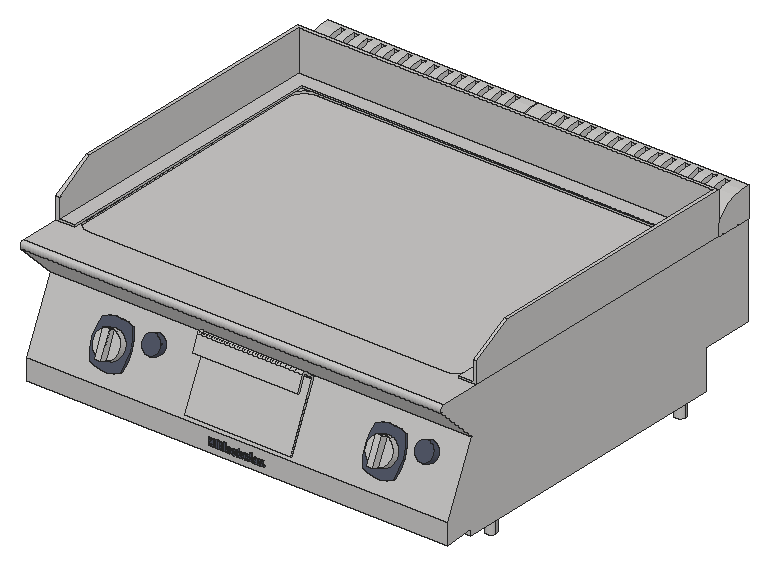
Revit family "QF_ELECTROLUXPROFESSIONAL_371410_E7IIETAOMEI", category Attrezzature speciali, Revit 2018
Family settings
  Quota connettore circolare = Usa diametro
  Tipo di parte = Normale
  Basato su piano di lavoro = No
  Sempre verticale = Sì
  Taglio con vuoti quando caricato = No
  Condiviso = No
  Punto di calcolo locali = No
Parameters (values of type "Standard")
  Weight = 70.00 kg
  Watts = 0 W
  Volts = 0 V
  URL Manufacturer = "https://www.electroluxprofessional.com/"
  URL = "https://www.electroluxprofessional.com/"
  Steam Supply Size = 0"
  Steam Supply Minimum Pressure = 0.00 psi
  Steam Supply Maximum Pressure = 0.00 psi
  Steam Consumption per Hour = 0
  Show Logo [instance] = yes
  Show Clearance [instance] = yes
  Refrigeration Suction Line Size = 0 mm
  Refrigeration Liquid Line Size = 0 mm
  Refrigerant Compressor Remote = yes
  Phase = 0
  Modello = "E7IIETAOMEI"
  Produttore = "Electrolux Professional"
  Length Actual = 800 mm  # constant formula
  Item Number = "371410"
  Hot Water Size = 0"
  Height Actual = 250 mm  # constant formula
  HP = "0 HP"
  Gas Size = 1/2"
  Gas KW = 14
  Gas Input Pressure = 0.469158 Btu/h
  Direct Waste Size = 0"
  Descrizione = "GAS FRYTOP-SMOOTH+RIBBED POLISHED CHROME PLATE 800MM - QMARK"
  Depth Actual = 730 mm  # constant formula
  Cycle = 0 Hz
  Condensate Return Size = 0"
  Compressed Air Volume = 0 GPM
  Compressed Air Size = 0"
  Compressed Air Pressure = 0.00 psi
  Cold Water Size = 0"
  Base Height [instance] = 23.813 mm  # constant formula
  Assembly Code = ""
  Accessory = yes
Values of the unnamed type that differ from the named types
  Weight = 0.00 kg
  URL Manufacturer = ""
  Item Number = ""
  HP = ""
  Gas KW = 0
  Gas Input Pressure = 0.0 Btu/h
Reference planes
  plane 1 "BACK": y = 0
  plane 2: z = 0
  plane 3 "LEFT": x = 0
  plane 4 "RIGHT": x = 800.1
  plane 5 "FRONT": y = -730.25
  plane 6 "TOP": z = 288.925
  plane 7 "Center Y": x = 400.05
  plane 8 "Center X": y = -365.125
  plane 9 "BASE": z = 23.813
  plane 10 "TOP A": z = 274.638
  plane 11: y = -597.884
  plane 12: y = -147.637
  plane 13: z = 355
Forms (mm)
  Extrusion 1, solid, material "QF_Finishes_Stainless Steel"
    sketch origin (0, 0, 0) x (0, 1, 0) y (0, 0, 1)
      loop
        line (0, 274.638) -> (-722.949, 274.638)
        arc (-722.949, 274.638) -> (-729.707, 270.122) -> (-728.121, 262.152) r 7.314
        line (-728.121, 262.152) -> (-657.416, 191.447) -> (-713.772, 69.003) -> (-713.772, 30.903) -> (-660.4, 36.513) -> (-660.4, 23.812) -> (-101.6, 23.812) -> (-101.6, 98.425) -> (0, 98.425) -> (0, 274.638)
    from 0 to 800.1
  Extrusion 2, void
    sketch origin (0, -2.381, 274.638) x (-1, 0, 0) y (0, -1, 0)
      loop
        arc (-60.425, 102.504) -> (-42.464, 109.943) -> (-35.025, 127.904) r 25.4
        line (-35.025, 127.904) -> (-35.025, 617.104)
        arc (-35.025, 617.104) -> (-42.464, 635.064) -> (-60.425, 642.504) r 25.4
        line (-60.425, 642.504) -> (-739.675, 642.504)
        arc (-739.675, 642.504) -> (-757.636, 635.064) -> (-765.075, 617.104) r 25.4
        line (-765.075, 617.104) -> (-765.075, 127.904)
        arc (-765.075, 127.904) -> (-757.636, 109.943) -> (-739.675, 102.504) r 25.4
        line (-739.675, 102.504) -> (-60.425, 102.504)
    from 0 to -3.2
  Extrusion 3, solid, material "QF_Finishes_Stainless Steel"
    sketch origin (0, 0, 0) x (1, 0, 0) y (0, 1, 0)
      loop
        circle (11.112, -147.638) r 9.525
      loop
        circle (11.112, -597.884) r 9.525
      loop
        circle (788.987, -147.638) r 9.525
      loop
        circle (788.987, -597.884) r 9.525
    from 0 to 23.813
  Extrusion 4, solid, material "QF_Finishes_Stainless Steel"
    sketch origin (0, -101.6, 101.6) x (0, 0, -1) y (-1, 0, 0)
      loop
        circle (43.882, -749.3) r 6.35
    from 0 to 3.175
  Extrusion 5, solid, material "QF_Finishes_Clearance", visible <- "Show Clearance", detail levels coarse
    sketch origin (0, 0, 0) x (1, 0, 0) y (0, 1, 0)
      loop
        line (0, -730.25) -> (0, 0) -> (800.1, 0) -> (800.1, -730.25) -> (950.119, -730.25) -> (950.119, 150.019) -> (-150.019, 150.019) -> (-150.019, -730.25) -> (0, -730.25)
    from 0 to 355
  Sweep 6, solid, material "QF_Finishes_Stainless Steel"
    path origin (0, -2.381, 274.638) x (-1, 0, 0) y (0, -1, 0)
      loop
        line (-765.075, 642.504) -> (-765.075, 102.504) -> (-35.025, 102.504) -> (-35.025, 642.504)
    profile origin (35.025, -374.885, 274.638) x (1, 0, 0) y (0, 0, 1)
      loop
        line (-35.025, 0) -> (0, 0) -> (0, 3.175) -> (-28.675, 3.175) -> (-28.675, 80.363) -> (-35.025, 80.362) -> (-35.025, 0)
  Extrusion 7, void
    sketch origin (0, -69.86, 274.638) x (0, 1, 0) y (0, 0, 1)
      loop
        line (-575.025, 40.481) -> (-501.995, 80.363) -> (-575.025, 80.363) -> (-575.025, 40.481)
    from 0 to 6.35
  Extrusion 8, void
    sketch origin (800.1, -644.885, 274.638) x (0, -1, 0) y (0, 0, 1)
      loop
        line (0, 40.481) -> (0, 80.362) -> (-73.03, 80.362) -> (0, 40.481)
    from 0 to 6.35
  Extrusion 9, solid, material "QF_Finishes_Stainless Steel"
    sketch origin (400.05, 175.397, 1219.2) x (0, 1, 0) y (0, 0, 1)
      loop
        line (-834.228, -1030.828) -> (-850.635, -1014.422)
        arc (-850.635, -1014.422) -> (-855.102, -1013.019) -> (-858.806, -1015.884) r 5.058
        line (-858.806, -1015.884) -> (-871.468, -1043.394) -> (-868.584, -1044.721) -> (-855.922, -1017.211)
        arc (-855.922, -1017.211) -> (-854.543, -1016.145) -> (-852.88, -1016.667) r 1.883
        line (-852.88, -1016.667) -> (-838.037, -1031.51) -> (-888.871, -1141.955) -> (-885.987, -1143.282) -> (-834.228, -1030.828)
    from 100 to -100
  Extrusion 10, solid, material "QF_Finishes_Drawer Clearance", visible <- "Show Clearance", detail levels coarse
    sketch origin (293.7, -101.6, 0) x (0, 1, 0) y (0, 0, 1)
      loop
        line (-660.751, 174.479) -> (-648.089, 201.989)
        arc (-648.089, 201.989) -> (-646.71, 203.055) -> (-645.046, 202.533) r 1.883
        line (-645.046, 202.533) -> (-630.204, 187.69) -> (-681.037, 77.245) -> (-678.153, 75.918) -> (-608.989, 75.918) -> (-557.231, 188.372) -> (-573.638, 204.778)
        arc (-573.638, 204.778) -> (-574.873, 205.685) -> (-576.323, 206.181) r 5.058
        line (-576.323, 206.181) -> (-647.269, 206.181)
        arc (-647.269, 206.181) -> (-649.472, 205.203) -> (-650.973, 203.316) r 5.058
        line (-650.973, 203.316) -> (-663.635, 175.806) -> (-660.751, 174.479)
    from 6.35 to 206.35
  Extrusion 11, solid, material "QF_Finishes_Navy Blue"
    sketch origin (-399.27, -713.772, 69.003) x (0, 0.418102, 0.9084) y (-1, 0, 0)
      loop
        arc (102.623, -510.47) -> (67.041, -502.846) -> (31.333, -509.853) r 90.5
        arc (31.333, -509.853) -> (24.507, -539.04) -> (31.333, -568.228) r 65.817
        arc (31.333, -568.228) -> (67.04, -575.188) -> (102.623, -567.615) r 91.066
        arc (102.623, -567.615) -> (109.179, -539.043) -> (102.623, -510.47) r 65.546
    from 0 to 3.175
  Extrusion 12, solid, material "QF_Finishes_Stainless Steel"
    sketch origin (-20.52, -717.485, 68.529) x (0, 0.418102, 0.9084) y (-1, 0, 0)
      loop
        circle (68.826, -160.963) r 25.4
    from 0 to 12.7
  Extrusion 13, solid, material "QF_Finishes_Stainless Steel"
    sketch origin (-20.52, -729.022, 73.839) x (0, 0.418102, 0.9084) y (-1, 0, 0)
      loop
        arc (93.558, -166.749) -> (94.226, -160.963) -> (93.558, -155.177) r 25.4
        line (93.558, -155.177) -> (44.094, -155.177)
        arc (44.094, -155.177) -> (43.426, -160.963) -> (44.094, -166.749) r 25.4
        line (44.094, -166.749) -> (93.558, -166.749)
    from 0 to 12.7
  Extrusion 14, solid, material "QF_Finishes_Navy Blue"
    sketch origin (97.744, -713.772, 69.003) x (0, 0.418102, 0.9084) y (-1, 0, 0)
      loop
        arc (102.623, -532.67) -> (67.041, -525.046) -> (31.333, -532.053) r 90.5
        arc (31.333, -532.053) -> (24.507, -561.24) -> (31.333, -590.428) r 65.817
        arc (31.333, -590.428) -> (67.04, -597.388) -> (102.623, -589.815) r 91.066
        arc (102.623, -589.815) -> (109.179, -561.243) -> (102.623, -532.67) r 65.546
    from 0 to 3.175
  Extrusion 15, solid, material "QF_Finishes_Stainless Steel"
    sketch origin (497.744, -717.485, 68.529) x (0, 0.418102, 0.9084) y (-1, 0, 0)
      loop
        circle (68.826, -160.963) r 25.4
    from 0 to 12.7
  Extrusion 16, solid, material "QF_Finishes_Stainless Steel"
    sketch origin (497.744, -729.022, 73.839) x (0, 0.418102, 0.9084) y (-1, 0, 0)
      loop
        arc (93.558, -166.749) -> (94.226, -160.963) -> (93.558, -155.177) r 25.4
        line (93.558, -155.177) -> (44.094, -155.177)
        arc (44.094, -155.177) -> (43.426, -160.963) -> (44.094, -166.749) r 25.4
        line (44.094, -166.749) -> (93.558, -166.749)
    from 0 to 12.7
  Extrusion 17, solid, material "QF_Finishes_Navy Blue"
    sketch origin (-100, -703.319, 91.713) x (0, 0.418102, 0.9084) y (-1, 0, 0)
      loop
        circle (65.471, -315.169) r 17.78
    from 0 to 12.7
  Extrusion 18, solid, material "QF_Finishes_Navy Blue"
    sketch origin (397.014, -703.319, 91.713) x (0, 0.418102, 0.9084) y (-1, 0, 0)
      loop
        circle (65.471, -337.369) r 17.78
    from 0 to 12.7
  Extrusion 19, solid, material "QF_Finishes_Navy Blue", visible <- "Show Logo"
    sketch origin (58.501, -713.772, 35.665) x (0, 0, 1) y (-1, 0, 0)
      loop
        line (20.674, -296.698) -> (8.307, -296.698)
        arc (8.307, -296.698) -> (14.491, -301.27) -> (20.674, -296.698) r 6.467
      loop
        arc (20.674, -296.069) -> (19.505, -290.926) -> (14.849, -288.448) r 6.338
        line (14.849, -288.448) -> (14.849, -290.494)
        arc (14.849, -290.494) -> (16.333, -294.149) -> (19.778, -296.069) r 5.941
        line (19.778, -296.069) -> (20.674, -296.069)
      loop
        arc (9.203, -296.069) -> (12.648, -294.149) -> (14.132, -290.494) r 5.941
        line (14.132, -290.494) -> (14.132, -288.448)
        arc (14.132, -288.448) -> (9.438, -290.922) -> (8.148, -296.069) r 6.504
        line (8.148, -296.069) -> (9.203, -296.069)
      loop
        line (21.349, -287.979) -> (7.604, -287.979) -> (7.604, -301.742) -> (21.349, -301.742) -> (21.349, -287.979)
      loop
        arc (21.432, -304.71) -> (21.085, -304.352) -> (20.718, -304.69) r 0.358
        arc (20.718, -304.69) -> (20.404, -305.44) -> (19.687, -305.825) r 1.216
        line (19.687, -305.825) -> (9.274, -305.825)
        arc (9.274, -305.825) -> (8.614, -305.548) -> (8.218, -304.951) r 1.238
        arc (8.218, -304.951) -> (7.823, -304.7) -> (7.518, -305.054) r 0.358
        line (7.518, -305.054) -> (7.518, -314.933) -> (10.269, -314.933) -> (10.269, -314.036)
        arc (10.269, -314.036) -> (9.36, -313.456) -> (8.904, -312.479) r 1.928
        line (8.904, -312.479) -> (8.904, -309.98)
        arc (8.904, -309.98) -> (9.18, -309.251) -> (9.868, -308.887) r 1.101
        line (9.868, -308.887) -> (13.955, -308.887) -> (13.955, -312.561)
        arc (13.955, -312.561) -> (13.602, -313.058) -> (13.037, -313.286) r 1.083
        arc (13.037, -313.286) -> (12.773, -313.591) -> (13.065, -313.869) r 0.292
        line (13.065, -313.869) -> (16.028, -313.869)
        arc (16.028, -313.869) -> (16.33, -313.596) -> (16.092, -313.266) r 0.305
        arc (16.092, -313.266) -> (15.601, -313.018) -> (15.296, -312.561) r 1.083
        line (15.296, -312.561) -> (15.296, -308.887) -> (19.973, -308.887) -> (19.973, -312.635)
        arc (19.973, -312.635) -> (19.759, -313.39) -> (19.153, -313.888) r 1.314
        arc (19.153, -313.888) -> (18.934, -314.292) -> (19.288, -314.585) r 0.361
        line (19.288, -314.585) -> (21.432, -314.585) -> (21.432, -304.71)
      loop
        arc (20.715, -315.365) -> (20.335, -316.284) -> (19.416, -316.664) r 1.299
        line (19.416, -316.664) -> (9.837, -316.664)
        arc (9.837, -316.664) -> (8.999, -316.286) -> (8.728, -315.408) r 1.118
        line (8.728, -315.408) -> (7.518, -315.408) -> (7.518, -320.758) -> (8.706, -320.758)
        arc (8.706, -320.758) -> (8.978, -319.841) -> (9.848, -319.445) r 1.153
        line (9.848, -319.445) -> (21.92, -319.445) -> (20.715, -315.365)
      loop
        line (12.483, -323.394) -> (12.483, -329.842) -> (13.282, -329.842)
        arc (13.282, -329.842) -> (15.862, -328.857) -> (17.131, -326.404) r 3.874
        line (17.131, -326.404) -> (17.131, -324.643)
        arc (17.131, -324.643) -> (15.944, -321.778) -> (13.08, -320.592) r 4.051
        line (13.08, -320.592) -> (11.072, -320.592)
        arc (11.072, -320.592) -> (8.253, -322.077) -> (7.202, -325.084) r 4.352
        arc (7.202, -325.084) -> (7.566, -327.547) -> (8.943, -329.621) r 5.713
        line (8.943, -329.621) -> (9.892, -329.621)
        arc (9.892, -329.621) -> (9.16, -328.052) -> (8.943, -326.334) r 5.579
        arc (8.943, -326.334) -> (9.737, -324.371) -> (11.616, -323.394) r 3.057
        line (11.616, -323.394) -> (12.483, -323.394)
      loop
        line (13.742, -323.394) -> (13.742, -326.977)
        arc (13.742, -326.977) -> (15.199, -327.024) -> (16.082, -325.864) r 1.59
        line (16.082, -325.864) -> (16.082, -325.034)
        arc (16.082, -325.034) -> (15.217, -323.779) -> (13.742, -323.394) r 2.184
      loop
        arc (16.533, -339.259) -> (17.022, -337.585) -> (17.179, -335.848) r 9.023
        line (17.179, -335.848) -> (17.179, -334.486)
        arc (17.179, -334.486) -> (16.02, -331.686) -> (13.22, -330.527) r 3.959
        line (13.22, -330.527) -> (10.62, -330.527)
        arc (10.62, -330.527) -> (8.338, -331.819) -> (7.221, -334.192) r 4.331
        line (7.221, -334.192) -> (7.221, -336.327)
        arc (7.221, -336.327) -> (7.729, -337.877) -> (8.651, -339.223) r 5.772
        arc (8.651, -339.223) -> (9.412, -339.274) -> (9.499, -338.515) r 0.553
        arc (9.499, -338.515) -> (9.111, -337.781) -> (8.977, -336.962) r 2.573
        line (8.977, -336.962) -> (8.977, -335.447)
        arc (8.977, -335.447) -> (9.983, -333.806) -> (11.798, -333.163) r 2.884
        line (11.798, -333.163) -> (13.077, -333.163)
        arc (13.077, -333.163) -> (14.898, -333.723) -> (15.824, -335.388) r 2.554
        line (15.824, -335.388) -> (15.824, -336.441)
        arc (15.824, -336.441) -> (15.493, -337.369) -> (14.836, -338.104) r 2.564
        arc (14.836, -338.104) -> (14.614, -338.821) -> (15.223, -339.259) r 0.643
        line (15.223, -339.259) -> (16.533, -339.259)
      loop
        line (15.515, -339.53) -> (15.515, -341.031) -> (9.467, -341.031)
        arc (9.467, -341.031) -> (7.879, -341.688) -> (7.221, -343.276) r 2.246
        line (7.221, -343.276) -> (7.221, -344.86)
        arc (7.221, -344.86) -> (7.535, -345.725) -> (8.035, -346.496) r 4.06
        arc (8.035, -346.496) -> (8.768, -346.629) -> (9.019, -345.928) r 0.576
        arc (9.019, -345.928) -> (8.913, -345.403) -> (8.977, -344.87) r 1.69
        arc (8.977, -344.87) -> (9.519, -344.082) -> (10.425, -343.779) r 1.506
        line (10.425, -343.779) -> (15.563, -343.779) -> (15.563, -346.176) -> (16.119, -346.733) -> (16.941, -346.733) -> (16.941, -343.873) -> (20.172, -343.873) -> (15.515, -339.53)
      loop
        line (7.438, -347.63) -> (7.438, -353.017) -> (8.548, -353.017)
        arc (8.548, -353.017) -> (8.942, -352.066) -> (9.893, -351.672) r 1.345
        line (9.893, -351.672) -> (13.509, -351.672)
        arc (13.509, -351.672) -> (14.274, -352.264) -> (14.564, -353.186) r 1.615
        line (14.564, -353.186) -> (14.564, -354.742) -> (17.119, -355.427) -> (17.119, -354.044) -> (15.177, -351.485) -> (17.057, -351.485) -> (16.773, -348.779)
        arc (16.773, -348.779) -> (16.333, -348.249) -> (15.674, -348.45) r 0.621
        arc (15.674, -348.45) -> (15.274, -348.792) -> (14.78, -348.975) r 1.501
        line (14.78, -348.975) -> (9.893, -348.975)
        arc (9.893, -348.975) -> (8.942, -348.581) -> (8.548, -347.63) r 1.345
        line (8.548, -347.63) -> (7.438, -347.63)
      loop
        line (13.54, -354.964) -> (10.848, -354.964)
        arc (10.848, -354.964) -> (8.403, -356.272) -> (7.269, -358.803) r 4.288
        arc (7.269, -358.803) -> (7.205, -360.183) -> (7.269, -361.563) r 15.022
        arc (7.269, -361.563) -> (8.403, -364.094) -> (10.848, -365.401) r 4.288
        line (10.848, -365.401) -> (13.54, -365.401)
        arc (13.54, -365.401) -> (15.986, -364.094) -> (17.119, -361.563) r 4.288
        arc (17.119, -361.563) -> (17.183, -360.183) -> (17.119, -358.803) r 15.022
        arc (17.119, -358.803) -> (15.986, -356.272) -> (13.54, -354.964) r 4.288
      loop
        line (13.745, -358.078) -> (10.643, -358.078)
        arc (10.643, -358.078) -> (8.486, -360.235) -> (10.643, -362.392) r 2.157
        line (10.643, -362.392) -> (13.745, -362.392)
        arc (13.745, -362.392) -> (15.902, -360.235) -> (13.745, -358.078) r 2.157
      loop
        arc (20.726, -365.26) -> (20.355, -366.154) -> (19.461, -366.524) r 1.264
        line (19.461, -366.524) -> (9.597, -366.524)
        arc (9.597, -366.524) -> (8.727, -366.127) -> (8.455, -365.211) r 1.153
        line (8.455, -365.211) -> (7.518, -365.211) -> (7.518, -370.319) -> (8.446, -370.319)
        arc (8.446, -370.319) -> (8.805, -369.547) -> (9.597, -369.232) r 1.153
        line (9.597, -369.232) -> (21.92, -369.232) -> (20.726, -365.26)
      loop
        arc (15.846, -369.857) -> (15.647, -370.921) -> (14.678, -371.403) r 1.215
        line (14.678, -371.403) -> (9.658, -371.403)
        arc (9.658, -371.403) -> (8.043, -372.051) -> (7.322, -373.634) r 2.338
        line (7.322, -373.634) -> (7.322, -375.148)
        arc (7.322, -375.148) -> (7.497, -376.152) -> (7.999, -377.038) r 2.979
        line (7.999, -377.038) -> (7.518, -378.835) -> (7.518, -380.524) -> (16.943, -380.524) -> (16.649, -376.32) -> (15.863, -376.32)
        arc (15.863, -376.32) -> (15.507, -377.156) -> (14.755, -377.665) r 1.605
        line (14.755, -377.665) -> (9.652, -377.665)
        arc (9.652, -377.665) -> (9.232, -376.728) -> (9.159, -375.704) r 2.94
        arc (9.159, -375.704) -> (9.72, -374.603) -> (10.873, -374.16) r 1.724
        line (10.873, -374.16) -> (17.07, -374.16) -> (15.846, -369.857)
      loop
        line (16.874, -381.377) -> (15.202, -383.423) -> (12.028, -385.729) -> (8.572, -382.617)
        arc (8.572, -382.617) -> (8.335, -382.223) -> (8.357, -381.764) r 0.789
        line (8.357, -381.764) -> (7.518, -381.764) -> (7.518, -385.309) -> (8.344, -385.309)
        arc (8.344, -385.309) -> (8.686, -384.947) -> (9.176, -385.039) r 0.52
        line (9.176, -385.039) -> (10.976, -386.51) -> (8.858, -387.886)
        arc (8.858, -387.886) -> (8.457, -387.576) -> (8.37, -387.076) r 0.7
        line (8.37, -387.076) -> (7.518, -387.076) -> (7.518, -393.003) -> (8.405, -393.003)
        arc (8.405, -393.003) -> (8.472, -392.344) -> (8.866, -391.813) r 1.247
        line (8.866, -391.813) -> (13.066, -388.532) -> (15.513, -390.585) -> (16.874, -392.327) -> (16.874, -388.604) -> (15.389, -389.026) -> (13.868, -387.749) -> (15.568, -386.559) -> (16.874, -387.336) -> (16.874, -381.377)
    from 0 to 1.644
  Extrusion 20, solid, material "QF_Finishes_Stainless Steel"
    sketch origin (0, 0, 0) x (0, 1, 0) y (0, 0, 1)
      loop
        line (0, 274.638) -> (0, 331.738)
        arc (0, 331.738) -> (-38.857, 324.552) -> (-69.85, 300.038) r 82.056
        line (-69.85, 300.038) -> (-69.85, 274.638) -> (0, 274.638)
    from 0 to 400.05
  Extrusion 21, void
    sketch origin (0, 0, 274.638) x (0, -1, 0) y (1, 0, 0)
      loop
        line (6.761, 29.703) -> (63.911, 29.703) -> (63.911, 38.999) -> (6.761, 38.999) -> (6.761, 29.703)
      loop
        line (63.911, 64.487) -> (6.761, 64.487) -> (6.761, 55.191) -> (63.911, 55.191) -> (63.911, 64.487)
      loop
        line (63.911, 89.975) -> (6.761, 89.975) -> (6.761, 80.68) -> (63.911, 80.68) -> (63.911, 89.975)
      loop
        line (63.911, 115.464) -> (6.761, 115.464) -> (6.761, 106.168) -> (63.911, 106.168) -> (63.911, 115.464)
      loop
        line (63.911, 140.952) -> (6.761, 140.952) -> (6.761, 131.656) -> (63.911, 131.656) -> (63.911, 140.952)
      loop
        line (63.911, 166.44) -> (6.761, 166.44) -> (6.761, 157.145) -> (63.911, 157.145) -> (63.911, 166.44)
      loop
        line (63.911, 191.929) -> (6.761, 191.929) -> (6.761, 182.633) -> (63.911, 182.633) -> (63.911, 191.929)
      loop
        line (63.911, 217.417) -> (6.761, 217.417) -> (6.761, 208.121) -> (63.911, 208.121) -> (63.911, 217.417)
      loop
        line (63.911, 242.905) -> (6.761, 242.905) -> (6.761, 233.61) -> (63.911, 233.61) -> (63.911, 242.905)
      loop
        line (63.911, 268.394) -> (6.761, 268.394) -> (6.761, 259.098) -> (63.911, 259.098) -> (63.911, 268.394)
      loop
        line (63.911, 293.882) -> (6.761, 293.882) -> (6.761, 284.586) -> (63.911, 284.586) -> (63.911, 293.882)
      loop
        line (63.911, 319.37) -> (6.761, 319.37) -> (6.761, 310.075) -> (63.911, 310.075) -> (63.911, 319.37)
      loop
        line (63.911, 344.859) -> (6.761, 344.859) -> (6.761, 335.563) -> (63.911, 335.563) -> (63.911, 344.859)
      loop
        line (63.911, 370.347) -> (6.761, 370.347) -> (6.761, 361.051) -> (63.911, 361.051) -> (63.911, 370.347)
    from 25.4 to 63.5
  Extrusion 22, solid, material "QF_Finishes_Stainless Steel"
    sketch origin (400.05, 0, 0) x (0, 1, 0) y (0, 0, 1)
      loop
        line (0, 274.638) -> (0, 331.738)
        arc (0, 331.738) -> (-38.857, 324.552) -> (-69.85, 300.038) r 82.056
        line (-69.85, 300.038) -> (-69.85, 274.638) -> (0, 274.638)
    from 0 to 400.05
  Extrusion 23, void
    sketch origin (400.05, 0, 274.638) x (0, -1, 0) y (1, 0, 0)
      loop
        line (6.761, 29.703) -> (63.911, 29.703) -> (63.911, 38.999) -> (6.761, 38.999) -> (6.761, 29.703)
      loop
        line (63.911, 64.487) -> (6.761, 64.487) -> (6.761, 55.191) -> (63.911, 55.191) -> (63.911, 64.487)
      loop
        line (63.911, 89.975) -> (6.761, 89.975) -> (6.761, 80.68) -> (63.911, 80.68) -> (63.911, 89.975)
      loop
        line (63.911, 115.464) -> (6.761, 115.464) -> (6.761, 106.168) -> (63.911, 106.168) -> (63.911, 115.464)
      loop
        line (63.911, 140.952) -> (6.761, 140.952) -> (6.761, 131.656) -> (63.911, 131.656) -> (63.911, 140.952)
      loop
        line (63.911, 166.44) -> (6.761, 166.44) -> (6.761, 157.145) -> (63.911, 157.145) -> (63.911, 166.44)
      loop
        line (63.911, 191.929) -> (6.761, 191.929) -> (6.761, 182.633) -> (63.911, 182.633) -> (63.911, 191.929)
      loop
        line (63.911, 217.417) -> (6.761, 217.417) -> (6.761, 208.121) -> (63.911, 208.121) -> (63.911, 217.417)
      loop
        line (63.911, 242.905) -> (6.761, 242.905) -> (6.761, 233.61) -> (63.911, 233.61) -> (63.911, 242.905)
      loop
        line (63.911, 268.394) -> (6.761, 268.394) -> (6.761, 259.098) -> (63.911, 259.098) -> (63.911, 268.394)
      loop
        line (63.911, 293.882) -> (6.761, 293.882) -> (6.761, 284.586) -> (63.911, 284.586) -> (63.911, 293.882)
      loop
        line (63.911, 319.37) -> (6.761, 319.37) -> (6.761, 310.075) -> (63.911, 310.075) -> (63.911, 319.37)
      loop
        line (63.911, 344.859) -> (6.761, 344.859) -> (6.761, 335.563) -> (63.911, 335.563) -> (63.911, 344.859)
      loop
        line (63.911, 370.347) -> (6.761, 370.347) -> (6.761, 361.051) -> (63.911, 361.051) -> (63.911, 370.347)
    from 25.4 to 63.5
Cuts and joins
  Extrusion 2 cuts Extrusion 1
  Extrusion 7, Extrusion 8 cuts Sweep 6
  Extrusion 21 cuts Extrusion 20
  Extrusion 23 cuts Extrusion 22
Lines and regions (mm)
  symbolic lines, style "QF-Clearances", visible <- "Show Clearance", detail levels coarse
    curve 1: line (-150.019, 150.019, 274.638) -> (-150.019, -730.25, 274.638)
    curve 2: line (950.119, 150.019, 274.638) -> (-150.019, 150.019, 274.638)
    curve 3: line (950.119, -730.25, 274.638) -> (950.119, 150.019, 274.638)
  symbolic lines
    curve 4: line (0, -730.25, 274.638) -> (0, 0, 274.638)
    curve 5: line (800.1, 0, 274.638) -> (800.1, -730.25, 274.638)
    curve 6: line (35.025, -104.885, 274.638) -> (35.025, -644.885, 274.638)
    curve 7: arc (35.025, -619.485, 274.638) -> (42.464, -637.445, 274.638) -> (60.425, -644.885, 274.638) r 25.4
    curve 8: line (0, -644.885, 274.638) -> (35.025, -644.885, 274.638)
    curve 9: arc (739.675, -644.885, 274.638) -> (757.636, -637.445, 274.638) -> (765.075, -619.485, 274.638) r 25.4
    curve 10: line (765.075, -644.885, 274.638) -> (765.075, -104.885, 274.638)
    curve 11: line (765.075, -104.885, 274.638) -> (35.025, -104.885, 274.638)
    curve 12: line (0, -69.85, 274.638) -> (800.1, -69.85, 274.638)
    curve 13: line (800.1, -730.25, 274.638) -> (0, -730.25, 274.638)
    curve 14: arc (60.425, -104.885, 274.638) -> (42.464, -112.324, 274.638) -> (35.025, -130.285, 274.638) r 25.4
    curve 15: arc (739.675, -104.885, 274.638) -> (757.636, -112.324, 274.638) -> (765.075, -130.285, 274.638) r 25.4
    curve 16: line (6.35, -76.21, 274.638) -> (6.35, -644.885, 274.638)
    curve 17: line (6.35, -76.21, 274.638) -> (793.75, -76.21, 274.638)
    curve 18: line (793.75, -76.21, 274.638) -> (793.75, -644.885, 274.638)
    curve 19: line (765.075, -644.885, 274.638) -> (800.1, -644.885, 274.638)
    curve 20: line (60.425, -644.885, 274.638) -> (739.675, -644.885, 274.638)
    curve 24: line (0, 0, 274.638) -> (800.1, 0, 274.638)
    curve 25: line (0, -69.85, 274.638) -> (800.1, -69.85, 274.638)
    curve 26: line (0, 0, 274.638) -> (800.1, 0, 274.638)
    curve 27: line (29.703, -6.761, 0) -> (38.999, -6.761, 0)
    curve 28: line (29.703, -63.911, 0) -> (29.703, -6.761, 0)
    curve 29: line (38.999, -63.911, 0) -> (29.703, -63.911, 0)
    curve 30: line (38.999, -6.761, 0) -> (38.999, -63.911, 0)
    curve 31: line (55.191, -6.761, 0) -> (64.487, -6.761, 0)
    curve 32: line (55.191, -63.911, 0) -> (55.191, -6.761, 0)
    curve 33: line (64.487, -63.911, 0) -> (55.191, -63.911, 0)
    curve 34: line (64.487, -6.761, 0) -> (64.487, -63.911, 0)
    curve 35: line (80.68, -6.761, 0) -> (89.975, -6.761, 0)
    curve 36: line (80.68, -63.911, 0) -> (80.68, -6.761, 0)
    curve 37: line (89.975, -63.911, 0) -> (80.68, -63.911, 0)
    curve 38: line (89.975, -6.761, 0) -> (89.975, -63.911, 0)
    curve 39: line (106.168, -6.761, 0) -> (115.464, -6.761, 0)
    curve 40: line (106.168, -63.911, 0) -> (106.168, -6.761, 0)
    curve 41: line (115.464, -63.911, 0) -> (106.168, -63.911, 0)
    curve 42: line (115.464, -6.761, 0) -> (115.464, -63.911, 0)
    curve 43: line (131.656, -6.761, 0) -> (140.952, -6.761, 0)
    curve 44: line (131.656, -63.911, 0) -> (131.656, -6.761, 0)
    curve 45: line (140.952, -63.911, 0) -> (131.656, -63.911, 0)
    curve 46: line (140.952, -6.761, 0) -> (140.952, -63.911, 0)
    curve 47: line (157.145, -6.761, 0) -> (166.44, -6.761, 0)
    curve 48: line (157.145, -63.911, 0) -> (157.145, -6.761, 0)
    curve 49: line (166.44, -63.911, 0) -> (157.145, -63.911, 0)
    curve 50: line (166.44, -6.761, 0) -> (166.44, -63.911, 0)
    curve 51: line (182.633, -6.761, 0) -> (191.929, -6.761, 0)
    curve 52: line (182.633, -63.911, 0) -> (182.633, -6.761, 0)
    curve 53: line (191.929, -63.911, 0) -> (182.633, -63.911, 0)
    curve 54: line (191.929, -6.761, 0) -> (191.929, -63.911, 0)
    curve 55: line (208.121, -6.761, 0) -> (217.417, -6.761, 0)
    curve 56: line (208.121, -63.911, 0) -> (208.121, -6.761, 0)
    curve 57: line (217.417, -63.911, 0) -> (208.121, -63.911, 0)
    curve 58: line (217.417, -6.761, 0) -> (217.417, -63.911, 0)
    curve 59: line (233.61, -6.761, 0) -> (242.905, -6.761, 0)
    curve 60: line (233.61, -63.911, 0) -> (233.61, -6.761, 0)
    curve 61: line (242.905, -63.911, 0) -> (233.61, -63.911, 0)
    curve 62: line (242.905, -6.761, 0) -> (242.905, -63.911, 0)
    curve 63: line (259.098, -6.761, 0) -> (268.394, -6.761, 0)
    curve 64: line (259.098, -63.911, 0) -> (259.098, -6.761, 0)
    curve 65: line (268.394, -63.911, 0) -> (259.098, -63.911, 0)
    curve 66: line (268.394, -6.761, 0) -> (268.394, -63.911, 0)
    curve 67: line (284.586, -6.761, 0) -> (293.882, -6.761, 0)
    curve 68: line (284.586, -63.911, 0) -> (284.586, -6.761, 0)
    curve 69: line (293.882, -63.911, 0) -> (284.586, -63.911, 0)
    curve 70: line (293.882, -6.761, 0) -> (293.882, -63.911, 0)
    curve 71: line (310.075, -6.761, 0) -> (319.37, -6.761, 0)
    curve 72: line (310.075, -63.911, 0) -> (310.075, -6.761, 0)
    curve 73: line (319.37, -63.911, 0) -> (310.075, -63.911, 0)
    curve 74: line (319.37, -6.761, 0) -> (319.37, -63.911, 0)
    curve 75: line (335.563, -6.761, 0) -> (344.859, -6.761, 0)
    curve 76: line (335.563, -63.911, 0) -> (335.563, -6.761, 0)
    curve 77: line (344.859, -63.911, 0) -> (335.563, -63.911, 0)
    curve 78: line (344.859, -6.761, 0) -> (344.859, -63.911, 0)
    curve 79: line (361.051, -6.761, 0) -> (370.347, -6.761, 0)
    curve 80: line (361.051, -63.911, 0) -> (361.051, -6.761, 0)
    curve 81: line (370.347, -63.911, 0) -> (361.051, -63.911, 0)
    curve 82: line (370.347, -6.761, 0) -> (370.347, -63.911, 0)
    curve 83: line (400.05, 0, 0) -> (400.05, -69.85, 0)
    curve 84: line (770.397, -6.761, 0) -> (761.101, -6.761, 0)
    curve 85: line (770.397, -63.911, 0) -> (770.397, -6.761, 0)
    curve 86: line (761.101, -63.911, 0) -> (770.397, -63.911, 0)
    curve 87: line (761.101, -6.761, 0) -> (761.101, -63.911, 0)
    curve 88: line (744.909, -6.761, 0) -> (735.613, -6.761, 0)
    curve 89: line (744.909, -63.911, 0) -> (744.909, -6.761, 0)
    curve 90: line (735.613, -63.911, 0) -> (744.909, -63.911, 0)
    curve 91: line (735.613, -6.761, 0) -> (735.613, -63.911, 0)
    curve 92: line (719.42, -6.761, 0) -> (710.125, -6.761, 0)
    curve 93: line (719.42, -63.911, 0) -> (719.42, -6.761, 0)
    curve 94: line (710.125, -63.911, 0) -> (719.42, -63.911, 0)
    curve 95: line (710.125, -6.761, 0) -> (710.125, -63.911, 0)
    curve 96: line (693.932, -6.761, 0) -> (684.636, -6.761, 0)
    curve 97: line (693.932, -63.911, 0) -> (693.932, -6.761, 0)
    curve 98: line (684.636, -63.911, 0) -> (693.932, -63.911, 0)
    curve 99: line (684.636, -6.761, 0) -> (684.636, -63.911, 0)
    curve 100: line (668.444, -6.761, 0) -> (659.148, -6.761, 0)
    curve 101: line (668.444, -63.911, 0) -> (668.444, -6.761, 0)
    curve 102: line (659.148, -63.911, 0) -> (668.444, -63.911, 0)
    curve 103: line (659.148, -6.761, 0) -> (659.148, -63.911, 0)
    curve 104: line (642.955, -6.761, 0) -> (633.66, -6.761, 0)
    curve 105: line (642.955, -63.911, 0) -> (642.955, -6.761, 0)
    curve 106: line (633.66, -63.911, 0) -> (642.955, -63.911, 0)
    curve 107: line (633.66, -6.761, 0) -> (633.66, -63.911, 0)
    curve 108: line (617.467, -6.761, 0) -> (608.171, -6.761, 0)
    curve 109: line (617.467, -63.911, 0) -> (617.467, -6.761, 0)
    curve 110: line (608.171, -63.911, 0) -> (617.467, -63.911, 0)
    curve 111: line (608.171, -6.761, 0) -> (608.171, -63.911, 0)
    curve 112: line (591.979, -6.761, 0) -> (582.683, -6.761, 0)
    curve 113: line (591.979, -63.911, 0) -> (591.979, -6.761, 0)
    curve 114: line (582.683, -63.911, 0) -> (591.979, -63.911, 0)
    curve 115: line (582.683, -6.761, 0) -> (582.683, -63.911, 0)
    curve 116: line (566.49, -6.761, 0) -> (557.195, -6.761, 0)
    curve 117: line (566.49, -63.911, 0) -> (566.49, -6.761, 0)
    curve 118: line (557.195, -63.911, 0) -> (566.49, -63.911, 0)
    curve 119: line (557.195, -6.761, 0) -> (557.195, -63.911, 0)
    curve 120: line (541.002, -6.761, 0) -> (531.706, -6.761, 0)
    curve 121: line (541.002, -63.911, 0) -> (541.002, -6.761, 0)
    curve 122: line (531.706, -63.911, 0) -> (541.002, -63.911, 0)
    curve 123: line (531.706, -6.761, 0) -> (531.706, -63.911, 0)
    curve 124: line (515.514, -6.761, 0) -> (506.218, -6.761, 0)
    curve 125: line (515.514, -63.911, 0) -> (515.514, -6.761, 0)
    curve 126: line (506.218, -63.911, 0) -> (515.514, -63.911, 0)
    curve 127: line (506.218, -6.761, 0) -> (506.218, -63.911, 0)
    curve 128: line (490.025, -6.761, 0) -> (480.73, -6.761, 0)
    curve 129: line (490.025, -63.911, 0) -> (490.025, -6.761, 0)
    curve 130: line (480.73, -63.911, 0) -> (490.025, -63.911, 0)
    curve 131: line (480.73, -6.761, 0) -> (480.73, -63.911, 0)
    curve 132: line (464.537, -6.761, 0) -> (455.241, -6.761, 0)
    curve 133: line (464.537, -63.911, 0) -> (464.537, -6.761, 0)
    curve 134: line (455.241, -63.911, 0) -> (464.537, -63.911, 0)
    curve 135: line (455.241, -6.761, 0) -> (455.241, -63.911, 0)
    curve 136: line (439.049, -6.761, 0) -> (429.753, -6.761, 0)
    curve 137: line (439.049, -63.911, 0) -> (439.049, -6.761, 0)
    curve 138: line (429.753, -63.911, 0) -> (439.049, -63.911, 0)
    curve 139: line (429.753, -6.761, 0) -> (429.753, -63.911, 0)
  symbolic lines, style "QF_Drawer Clearance"
    curve 21: line (500.05, -782.637, 0) -> (300.05, -782.637, 0)
    curve 22: line (500.05, -730.25, 0) -> (500.05, -782.637, 0)
    curve 23: line (300.05, -782.637, 0) -> (300.05, -730.25, 0)
Dimensions and locks
  equal spacing: plane 3 "LEFT", plane 7 "Center Y", plane 4 "RIGHT"
  plane 3 "LEFT" to plane 4 "RIGHT" = 800.1 mm
  equal spacing: plane 5 "FRONT", plane 8 "Center X", plane 1 "BACK"
  plane 5 "FRONT" to plane 1 "BACK" = 730.25 mm
  plane 1 "BACK" to plane 5 "FRONT" = 730.25 mm
  "Base Height": plane 9 "BASE" to level
  locked: plane 10 "TOP A" to plane 9 "BASE" at 250.825
  plane 4 "RIGHT" to Extrusion 4 sketch curve = 50.8 mm
  Sweep 6 sketch curve to level = 355 mm
  plane 10 "TOP A" to plane 9 "BASE" = 250.825 mm
  plane 9 "BASE" to level = 23.813 mm
  plane 9 "BASE" to cut or joined group of Extrusion 1, Extrusion 2 = 74.612 mm
  plane 13 to level = 355 mm
  aligned and locked: level to plane 2
  aligned and locked: plane 4 "RIGHT" to Extrusion 1
  aligned and locked: Extrusion 3 to plane 9 "BASE"
  aligned: plane 6 "TOP" to Extrusion 5
Automatic sketch dimensions
  Extrusion 2 sketch curve to plane 4 "RIGHT" = 35.025 mm
  Extrusion 2 sketch curve to Extrusion 2 sketch curve = 25.4 mm  (x3)
  Extrusion 2 sketch curve to plane 12 = 17.353 mm
  plane 3 "LEFT" to Extrusion 2 sketch curve = 60.425 mm  (x2)
  plane 11 to Extrusion 2 sketch curve = 21.6 mm
  plane 11 to Extrusion 3 sketch curve = 0 mm  (x2)
  plane 12 to Extrusion 3 sketch curve = 0 mm  (x2)
  plane 3 "LEFT" to Extrusion 3 sketch curve = 11.112 mm  (x2)
  Extrusion 3 sketch curve to plane 4 "RIGHT" = 11.113 mm  (x2)
  Extrusion 1 to Extrusion 4 sketch curve = 33.906 mm
  plane 1 "BACK" to Extrusion 5 sketch curve = 0 mm
  Extrusion 5 sketch curve to plane 3 "LEFT" = 0 mm
  Extrusion 5 sketch curve to plane 4 "RIGHT" = 0 mm
  Extrusion 5 sketch curve to plane 3 "LEFT" = 150.019 mm
  plane 5 "FRONT" to Extrusion 5 sketch curve = 0 mm  (x2)
  plane 4 "RIGHT" to Extrusion 5 sketch curve = 150.019 mm
  Extrusion 5 sketch curve to plane 1 "BACK" = 150.019 mm
  curve 19 to plane 4 "RIGHT" = 0 mm
  curve 13 to plane 3 "LEFT" = 0 mm
  plane 1 "BACK" to curve 4 = 0 mm
  plane 4 "RIGHT" to curve 3 = 150.019 mm
  curve 18 to plane 4 "RIGHT" = 6.35 mm
  curve 18 to curve 19 = 28.675 mm
  curve 10 to curve 15 = 25.4 mm
  curve 10 to curve 20 = 25.4 mm
  curve 20 to curve 8 = 60.425 mm
  curve 14 to plane 12 = 17.353 mm
  curve 14 to curve 14 = 25.4 mm
  curve 16 to curve 8 = 6.35 mm
  plane 5 "FRONT" to curve 1 = 0 mm
  curve 1 to plane 3 "LEFT" = 150.019 mm
  curve 2 to plane 1 "BACK" = 150.019 mm
  curve 12 to curve 17 = 6.36 mm
  plane 11 to curve 9 = 21.6 mm
  curve 9 to curve 19 = 25.4 mm
  curve 7 to curve 16 = 25.4 mm
  curve 5 to plane 5 "FRONT" = 0 mm
  plane 5 "FRONT" to curve 3 = 0 mm
  Sweep 6 sketch curve to plane 4 "RIGHT" = 35.025 mm
  plane 3 "LEFT" to Sweep 6 sketch curve = 35.025 mm
  Sweep 6 sketch curve to plane 12 = 42.753 mm
  plane 11 to Sweep 6 sketch curve = 47 mm  (x2)
  Sweep 6 sketch curve to plane 10 "TOP A" = 0 mm
  profile plane to Sweep 6 sketch curve = 0 mm
  profile plane to Sweep 6 sketch curve = 28.675 mm
  Sweep 6 sketch curve to Sweep 6 sketch curve = 6.35 mm
  plane 10 "TOP A" to Sweep 6 sketch curve = 3.175 mm
  Extrusion 7 sketch curve to Sweep 6 = 0 mm  (x2)
  Extrusion 7 sketch curve to Sweep 6 = 73.03 mm
  Extrusion 7 sketch curve to Extrusion 7 sketch curve = 39.881 mm
  Sweep 6 to Extrusion 8 sketch curve = 0 mm
  Extrusion 8 sketch curve to Sweep 6 = 0 mm
  Extrusion 8 sketch curve to Sweep 6 = 73.03 mm
  Extrusion 8 sketch curve to Extrusion 8 sketch curve = 39.881 mm
  Extrusion 9 sketch curve to Extrusion 9 sketch curve = 0 mm  (x2)
  Extrusion 9 sketch curve to plane 5 "FRONT" = 16.776 mm
  Extrusion 9 sketch curve to Extrusion 9 sketch curve = 2.884 mm  (x3)
  Extrusion 9 sketch curve to plane 5 "FRONT" = 34.179 mm
  Extrusion 9 sketch curve to Extrusion 9 sketch curve = 12.662 mm
  Extrusion 9 sketch curve to Extrusion 9 sketch curve = 1.711 mm
  Extrusion 9 sketch curve to Extrusion 9 sketch curve = 1.332 mm
  Extrusion 9 sketch curve to Extrusion 9 sketch curve = 2.245 mm
  Extrusion 9 sketch curve to Extrusion 9 sketch curve = 14.843 mm
  Extrusion 9 sketch curve to Extrusion 9 sketch curve = 3.809 mm
  plane 9 "BASE" to Extrusion 9 sketch curve = 52.105 mm
  Extrusion 9 sketch curve to Extrusion 9 sketch curve = 1.327 mm  (x2)
  Extrusion 9 sketch curve to Extrusion 9 sketch curve = 13.211 mm
  Extrusion 9 sketch curve to Extrusion 9 sketch curve = 0.787 mm
  Extrusion 10 sketch curve to Extrusion 10 sketch curve = 0 mm  (x2)
  plane 5 "FRONT" to Extrusion 10 sketch curve = 52.387 mm
  Extrusion 10 sketch curve to Extrusion 10 sketch curve = 2.884 mm  (x3)
  plane 5 "FRONT" to Extrusion 10 sketch curve = 34.985 mm
  plane 5 "FRONT" to Extrusion 10 sketch curve = 22.323 mm
  Extrusion 10 sketch curve to Extrusion 10 sketch curve = 0.82 mm
  Extrusion 10 sketch curve to Extrusion 10 sketch curve = 1.711 mm
  Extrusion 10 sketch curve to Extrusion 10 sketch curve = 1.332 mm
  plane 5 "FRONT" to Extrusion 10 sketch curve = 1.554 mm
  Extrusion 10 sketch curve to plane 5 "FRONT" = 19.661 mm
  Extrusion 10 sketch curve to plane 5 "FRONT" = 51.436 mm
  Extrusion 10 sketch curve to Extrusion 10 sketch curve = 0.891 mm
  Extrusion 10 sketch curve to Extrusion 10 sketch curve = 2.686 mm
  Extrusion 10 sketch curve to Extrusion 10 sketch curve = 16.406 mm
  plane 9 "BASE" to Extrusion 10 sketch curve = 52.105 mm
  Extrusion 10 sketch curve to Extrusion 10 sketch curve = 1.327 mm  (x2)
  Extrusion 10 sketch curve to Extrusion 10 sketch curve = 13.211 mm
  Extrusion 10 sketch curve to Extrusion 10 sketch curve = 0.681 mm
  Extrusion 10 sketch curve to Extrusion 10 sketch curve = 0.787 mm
  Extrusion 10 sketch curve to Extrusion 10 sketch curve = 4.979 mm
  plane 3 "LEFT" to Extrusion 11 sketch curve = 110.583 mm
  Extrusion 11 sketch curve to Extrusion 11 sketch curve = 0 mm
  Extrusion 11 sketch curve to Extrusion 11 sketch curve = 12.3 mm  (x3)
  Extrusion 11 sketch curve to Extrusion 11 sketch curve = 34.925 mm  (x2)
  Extrusion 11 sketch curve to Extrusion 11 sketch curve = 46.691 mm
  Extrusion 11 sketch curve to Extrusion 11 sketch curve = 0.617 mm
  Extrusion 11 sketch curve to Extrusion 11 sketch curve = 28.57 mm
  Extrusion 11 sketch curve to Extrusion 11 sketch curve = 29.185 mm
  Extrusion 13 sketch curve to Extrusion 13 sketch curve = 24.732 mm
  Extrusion 13 sketch curve to Extrusion 13 sketch curve = 0 mm
  Extrusion 14 sketch curve to plane 4 "RIGHT" = 170.304 mm
  Extrusion 14 sketch curve to Extrusion 14 sketch curve = 0 mm
  Extrusion 14 sketch curve to Extrusion 14 sketch curve = 12.3 mm  (x3)
  Extrusion 14 sketch curve to Extrusion 14 sketch curve = 34.925 mm  (x2)
  Extrusion 14 sketch curve to Extrusion 14 sketch curve = 46.691 mm
  Extrusion 14 sketch curve to Extrusion 14 sketch curve = 0.617 mm
  Extrusion 14 sketch curve to Extrusion 14 sketch curve = 28.57 mm
  Extrusion 14 sketch curve to Extrusion 14 sketch curve = 29.185 mm
  Extrusion 16 sketch curve to Extrusion 16 sketch curve = 24.732 mm
  Extrusion 16 sketch curve to Extrusion 16 sketch curve = 0 mm
  Extrusion 1 to Extrusion 17 sketch curve = 44.319 mm
  Extrusion 1 to Extrusion 17 sketch curve = 215.169 mm
  Extrusion 1 to Extrusion 18 sketch curve = 44.319 mm
  Extrusion 1 to Extrusion 18 sketch curve = 65.717 mm
  Extrusion 1 sketch curve to plane 10 "TOP A" = 0 mm
  Extrusion 1 sketch curve to plane 9 "BASE" = 0 mm
  Extrusion 1 sketch curve to plane 1 "BACK" = 0 mm
  Extrusion 1 sketch curve to plane 12 = 46.038 mm
  plane 11 to Extrusion 1 sketch curve = 59.531 mm
  plane 9 "BASE" to Extrusion 1 sketch curve = 12.7 mm
  plane 11 to Extrusion 1 sketch curve = 62.516 mm
  Extrusion 1 sketch curve to plane 5 "FRONT" = 16.478 mm
  Extrusion 1 sketch curve to plane 5 "FRONT" = 7.301 mm
  Extrusion 1 sketch curve to plane 5 "FRONT" = 2.129 mm
  plane 9 "BASE" to Extrusion 1 sketch curve = 7.09 mm
  Extrusion 1 sketch curve to Extrusion 1 sketch curve = 38.1 mm
  plane 9 "BASE" to Extrusion 1 sketch curve = 74.612 mm
  Extrusion 1 sketch curve to plane 10 "TOP A" = 83.191 mm
  Extrusion 1 sketch curve to plane 10 "TOP A" = 12.486 mm
  curve 21 to plane 7 "Center Y" = 100 mm
  plane 5 "FRONT" to curve 21 = 52.387 mm
  plane 5 "FRONT" to curve 22 = 0 mm
  plane 5 "FRONT" to curve 23 = 0 mm
  plane 7 "Center Y" to curve 22 = 100 mm
  plane 7 "Center Y" to Extrusion 19 sketch curve = 18.634 mm
  plane 9 "BASE" to Extrusion 19 sketch curve = 14.013 mm
  plane 9 "BASE" to Extrusion 19 sketch curve = 19.054 mm
  plane 7 "Center Y" to Extrusion 19 sketch curve = 3.311 mm
  Extrusion 19 sketch curve to Extrusion 19 sketch curve = 5.06 mm
  Extrusion 19 sketch curve to Extrusion 19 sketch curve = 0 mm  (x28)
  Extrusion 19 sketch curve to Extrusion 19 sketch curve = 5.108 mm  (x2)
  Extrusion 19 sketch curve to Extrusion 19 sketch curve = 0.054 mm
  Extrusion 19 sketch curve to Extrusion 19 sketch curve = 0.218 mm
  Extrusion 19 sketch curve to Extrusion 19 sketch curve = 0.195 mm
  Extrusion 19 sketch curve to Extrusion 19 sketch curve = 0.249 mm
  plane 9 "BASE" to Extrusion 19 sketch curve = 19.371 mm
  Extrusion 19 sketch curve to Extrusion 19 sketch curve = 0.087 mm
  Extrusion 19 sketch curve to Extrusion 19 sketch curve = 0.358 mm
  Extrusion 19 sketch curve to Extrusion 19 sketch curve = 0.481 mm
  Extrusion 19 sketch curve to Extrusion 19 sketch curve = 0.597 mm
  Extrusion 19 sketch curve to Extrusion 19 sketch curve = 0.544 mm
  Extrusion 19 sketch curve to Extrusion 19 sketch curve = 0.936 mm
  Extrusion 19 sketch curve to Extrusion 19 sketch curve = 0.594 mm
  Extrusion 19 sketch curve to Extrusion 19 sketch curve = 0.343 mm
  Extrusion 19 sketch curve to Extrusion 19 sketch curve = 0.159 mm
  Extrusion 19 sketch curve to Extrusion 19 sketch curve = 0.826 mm
  Extrusion 19 sketch curve to Extrusion 19 sketch curve = 0.839 mm
  Extrusion 19 sketch curve to Extrusion 19 sketch curve = 0.852 mm
  Extrusion 19 sketch curve to Extrusion 19 sketch curve = 0.887 mm
  Extrusion 19 sketch curve to Extrusion 19 sketch curve = 0.928 mm
  Extrusion 19 sketch curve to Extrusion 19 sketch curve = 0.938 mm
  Extrusion 19 sketch curve to Extrusion 19 sketch curve = 0.444 mm
  Extrusion 19 sketch curve to Extrusion 19 sketch curve = 1.11 mm  (x3)
  plane 7 "Center Y" to Extrusion 19 sketch curve = 11.468 mm
  Extrusion 19 sketch curve to Extrusion 19 sketch curve = 0.215 mm
  Extrusion 19 sketch curve to Extrusion 19 sketch curve = 1.43 mm
  Extrusion 19 sketch curve to Extrusion 19 sketch curve = 1.188 mm
  Extrusion 19 sketch curve to Extrusion 19 sketch curve = 1.21 mm  (x2)
  Extrusion 19 sketch curve to Extrusion 19 sketch curve = 0.503 mm
  Extrusion 19 sketch curve to Extrusion 19 sketch curve = 0.488 mm
  Extrusion 19 sketch curve to Extrusion 19 sketch curve = 0.462 mm
  Extrusion 19 sketch curve to Extrusion 19 sketch curve = 1.386 mm
  Extrusion 19 sketch curve to Extrusion 19 sketch curve = 1.742 mm  (x2)
  Extrusion 19 sketch curve to Extrusion 19 sketch curve = 0.821 mm
  Extrusion 19 sketch curve to Extrusion 19 sketch curve = 0.497 mm
  Extrusion 19 sketch curve to Extrusion 19 sketch curve = 0.539 mm
  Extrusion 19 sketch curve to Extrusion 19 sketch curve = 0.686 mm
  Extrusion 19 sketch curve to Extrusion 19 sketch curve = 0.408 mm
  Extrusion 19 sketch curve to Extrusion 19 sketch curve = 0.743 mm
  Extrusion 19 sketch curve to Extrusion 19 sketch curve = 1.16 mm
  Extrusion 19 sketch curve to Extrusion 19 sketch curve = 0.329 mm
  Extrusion 19 sketch curve to Extrusion 19 sketch curve = 1.054 mm
  Extrusion 19 sketch curve to Extrusion 19 sketch curve = 1.056 mm
  Extrusion 19 sketch curve to Extrusion 19 sketch curve = 0.129 mm
  Extrusion 19 sketch curve to Extrusion 19 sketch curve = 0.489 mm
  Extrusion 19 sketch curve to Extrusion 19 sketch curve = 0.441 mm
  Extrusion 19 sketch curve to Extrusion 19 sketch curve = 1.151 mm
  Extrusion 19 sketch curve to Extrusion 19 sketch curve = 1.141 mm  (x2)
  Extrusion 19 sketch curve to Extrusion 19 sketch curve = 0.768 mm
  Extrusion 19 sketch curve to Extrusion 19 sketch curve = 1.653 mm
  Extrusion 19 sketch curve to Extrusion 19 sketch curve = 0.499 mm
  Extrusion 19 sketch curve to Extrusion 19 sketch curve = 0.964 mm
  Extrusion 19 sketch curve to Extrusion 19 sketch curve = 0.949 mm
  Extrusion 19 sketch curve to Extrusion 19 sketch curve = 1.345 mm  (x2)
  Extrusion 19 sketch curve to Extrusion 19 sketch curve = 1.101 mm
  Extrusion 19 sketch curve to Extrusion 19 sketch curve = 0.432 mm
  Extrusion 19 sketch curve to Extrusion 19 sketch curve = 1.142 mm
  Extrusion 19 sketch curve to Extrusion 19 sketch curve = 0.959 mm
  Extrusion 19 sketch curve to Extrusion 19 sketch curve = 0.176 mm
  Extrusion 19 sketch curve to Extrusion 19 sketch curve = 0.728 mm
  Extrusion 19 sketch curve to Extrusion 19 sketch curve = 3.375 mm  (x2)
  Extrusion 19 sketch curve to Extrusion 19 sketch curve = 0.541 mm
  Extrusion 19 sketch curve to Extrusion 19 sketch curve = 0.955 mm
  Extrusion 19 sketch curve to Extrusion 19 sketch curve = 1.251 mm
  Extrusion 19 sketch curve to Extrusion 19 sketch curve = 0.572 mm
  Extrusion 19 sketch curve to Extrusion 19 sketch curve = 1.92 mm
  Extrusion 19 sketch curve to Extrusion 19 sketch curve = 1.224 mm
  Extrusion 19 sketch curve to Extrusion 19 sketch curve = 0.745 mm
  Extrusion 19 sketch curve to Extrusion 19 sketch curve = 2.537 mm
  Extrusion 19 sketch curve to Extrusion 19 sketch curve = 0.896 mm  (x3)
  Extrusion 19 sketch curve to Extrusion 19 sketch curve = 0.036 mm
  Extrusion 19 sketch curve to Extrusion 19 sketch curve = 2.607 mm
  Extrusion 19 sketch curve to Extrusion 19 sketch curve = 0.066 mm
  Extrusion 19 sketch curve to Extrusion 19 sketch curve = 0.248 mm
  Extrusion 19 sketch curve to Extrusion 19 sketch curve = 0.449 mm
  Extrusion 19 sketch curve to Extrusion 19 sketch curve = 1.052 mm
  Extrusion 19 sketch curve to Extrusion 19 sketch curve = 1.863 mm
  Extrusion 19 sketch curve to Extrusion 19 sketch curve = 1.31 mm  (x2)
  Extrusion 19 sketch curve to Extrusion 19 sketch curve = 0.901 mm
  Extrusion 19 sketch curve to Extrusion 19 sketch curve = 1.107 mm
  Extrusion 19 sketch curve to Extrusion 19 sketch curve = 2.122 mm
  plane 7 "Center Y" to Extrusion 19 sketch curve = 11.637 mm
  Extrusion 19 sketch curve to Extrusion 19 sketch curve = 2.101 mm
  Extrusion 19 sketch curve to Extrusion 19 sketch curve = 0.106 mm
  Extrusion 19 sketch curve to Extrusion 19 sketch curve = 0.029 mm
  Extrusion 19 sketch curve to Extrusion 19 sketch curve = 2.09 mm
  Extrusion 19 sketch curve to Extrusion 19 sketch curve = 1.279 mm
  Extrusion 19 sketch curve to Extrusion 19 sketch curve = 2.008 mm
  Extrusion 19 sketch curve to Extrusion 19 sketch curve = 0.738 mm
  Extrusion 19 sketch curve to Extrusion 19 sketch curve = 0.382 mm
  Extrusion 19 sketch curve to Extrusion 19 sketch curve = 0.384 mm
  Extrusion 19 sketch curve to Extrusion 19 sketch curve = 0.002 mm
  Extrusion 19 sketch curve to Extrusion 19 sketch curve = 0.561 mm
  Extrusion 19 sketch curve to Extrusion 19 sketch curve = 1.023 mm
  Extrusion 19 sketch curve to Extrusion 19 sketch curve = 2.692 mm
  Extrusion 19 sketch curve to Extrusion 19 sketch curve = 1.259 mm
  Extrusion 19 sketch curve to Extrusion 19 sketch curve = 0.802 mm
  Extrusion 19 sketch curve to Extrusion 19 sketch curve = 1.024 mm
  Extrusion 19 sketch curve to Extrusion 19 sketch curve = 0.682 mm
  Extrusion 19 sketch curve to Extrusion 19 sketch curve = 5.934 mm
  Extrusion 19 sketch curve to Extrusion 19 sketch curve = 2.186 mm
  Extrusion 19 sketch curve to Extrusion 19 sketch curve = 0.337 mm
  Extrusion 19 sketch curve to Extrusion 19 sketch curve = 0.021 mm
  Extrusion 19 sketch curve to Extrusion 19 sketch curve = 1.005 mm
  Extrusion 19 sketch curve to Extrusion 19 sketch curve = 0.552 mm
  Extrusion 19 sketch curve to Extrusion 19 sketch curve = 0.778 mm
  Extrusion 19 sketch curve to Extrusion 19 sketch curve = 0.063 mm
  Extrusion 19 sketch curve to Extrusion 19 sketch curve = 3.804 mm
  Extrusion 19 sketch curve to Extrusion 19 sketch curve = 0.486 mm
  Extrusion 19 sketch curve to Extrusion 19 sketch curve = 0.266 mm  (x2)
  Extrusion 19 sketch curve to Extrusion 19 sketch curve = 1.547 mm
  Extrusion 19 sketch curve to Extrusion 19 sketch curve = 0.717 mm  (x2)
  Extrusion 19 sketch curve to Extrusion 19 sketch curve = 1.667 mm
  Extrusion 19 sketch curve to Extrusion 19 sketch curve = 3.174 mm
  Extrusion 19 sketch curve to Extrusion 19 sketch curve = 0.388 mm
  Extrusion 19 sketch curve to Extrusion 19 sketch curve = 1.342 mm
  Extrusion 19 sketch curve to Extrusion 19 sketch curve = 1.521 mm
  Extrusion 19 sketch curve to Extrusion 19 sketch curve = 0.124 mm
  Extrusion 19 sketch curve to Extrusion 19 sketch curve = 0.291 mm
  plane 7 "Center Y" to Extrusion 19 sketch curve = 4.627 mm
  Extrusion 19 sketch curve to Extrusion 19 sketch curve = 1.049 mm  (x2)
  Extrusion 19 sketch curve to Extrusion 19 sketch curve = 1.7 mm
  Extrusion 19 sketch curve to Extrusion 19 sketch curve = 0.894 mm
  Extrusion 19 sketch curve to Extrusion 19 sketch curve = 0.989 mm
  Extrusion 19 sketch curve to Extrusion 19 sketch curve = 1.168 mm
  Extrusion 19 sketch curve to Extrusion 19 sketch curve = 1.594 mm
  Extrusion 19 sketch curve to Extrusion 19 sketch curve = 0.731 mm
  Extrusion 19 sketch curve to Extrusion 19 sketch curve = 1.566 mm
  Extrusion 19 sketch curve to Extrusion 19 sketch curve = 0.064 mm
  plane 7 "Center Y" to Extrusion 19 sketch curve = 5.183 mm
  Extrusion 19 sketch curve to Extrusion 19 sketch curve = 0.556 mm  (x2)
  Extrusion 19 sketch curve to Extrusion 19 sketch curve = 0.48 mm
  Extrusion 19 sketch curve to Extrusion 19 sketch curve = 0.228 mm
  Extrusion 19 sketch curve to Extrusion 19 sketch curve = 1.018 mm
  Extrusion 19 sketch curve to Extrusion 19 sketch curve = 0.787 mm
  Extrusion 19 sketch curve to Extrusion 19 sketch curve = 0.618 mm
  Extrusion 19 sketch curve to Extrusion 19 sketch curve = 1.672 mm
  Extrusion 19 sketch curve to Extrusion 19 sketch curve = 1.361 mm
  Extrusion 19 sketch curve to Extrusion 19 sketch curve = 0.822 mm
  Extrusion 19 sketch curve to Extrusion 19 sketch curve = 0.069 mm
  Extrusion 19 sketch curve to Extrusion 19 sketch curve = 1.88 mm
  Extrusion 19 sketch curve to Extrusion 19 sketch curve = 0.42 mm
  plane 7 "Center Y" to Extrusion 19 sketch curve = 12.495 mm
  Extrusion 19 sketch curve to Extrusion 19 sketch curve = 0.062 mm
  Extrusion 19 sketch curve to Extrusion 19 sketch curve = 1.355 mm
  Extrusion 19 sketch curve to Extrusion 19 sketch curve = 2.34 mm
  Extrusion 19 sketch curve to Extrusion 19 sketch curve = 0.493 mm
  Extrusion 19 sketch curve to Extrusion 19 sketch curve = 0.136 mm
  Extrusion 19 sketch curve to Extrusion 19 sketch curve = 0.128 mm
  Extrusion 19 sketch curve to Extrusion 19 sketch curve = 3.616 mm
  Extrusion 19 sketch curve to Extrusion 19 sketch curve = 4.207 mm
  Extrusion 19 sketch curve to Extrusion 19 sketch curve = 0.183 mm
  Extrusion 19 sketch curve to Extrusion 19 sketch curve = 0.895 mm
  Extrusion 19 sketch curve to Extrusion 19 sketch curve = 1.314 mm
  Extrusion 19 sketch curve to Extrusion 19 sketch curve = 3.231 mm
  Extrusion 19 sketch curve to Extrusion 19 sketch curve = 1.299 mm
  Extrusion 19 sketch curve to Extrusion 19 sketch curve = 1.214 mm
  plane 7 "Center Y" to Extrusion 19 sketch curve = 23.71 mm
  Extrusion 19 sketch curve to Extrusion 19 sketch curve = 1.264 mm
  Extrusion 19 sketch curve to Extrusion 19 sketch curve = 0.109 mm
  Extrusion 19 sketch curve to Extrusion 19 sketch curve = 0.357 mm
  Extrusion 19 sketch curve to Extrusion 19 sketch curve = 0.565 mm
  Extrusion 19 sketch curve to Extrusion 19 sketch curve = 2.504 mm
  Extrusion 19 sketch curve to Extrusion 19 sketch curve = 2.459 mm
  Extrusion 19 sketch curve to Extrusion 19 sketch curve = 2.708 mm
  Extrusion 19 sketch curve to Extrusion 19 sketch curve = 3.333 mm
  Extrusion 19 sketch curve to Extrusion 19 sketch curve = 0.332 mm
  Extrusion 19 sketch curve to Extrusion 19 sketch curve = 1.087 mm
  Extrusion 19 sketch curve to Extrusion 19 sketch curve = 2.23 mm
  Extrusion 19 sketch curve to Extrusion 19 sketch curve = 2.757 mm
  Extrusion 19 sketch curve to Extrusion 19 sketch curve = 0.987 mm
  Extrusion 19 sketch curve to Extrusion 19 sketch curve = 1.529 mm
  Extrusion 19 sketch curve to Extrusion 19 sketch curve = 1.796 mm
  Extrusion 19 sketch curve to Extrusion 19 sketch curve = 2.859 mm
  Extrusion 19 sketch curve to Extrusion 19 sketch curve = 0.853 mm
  Extrusion 19 sketch curve to Extrusion 19 sketch curve = 1.241 mm
  Extrusion 19 sketch curve to Extrusion 19 sketch curve = 2.046 mm  (x2)
  Extrusion 19 sketch curve to Extrusion 19 sketch curve = 2.422 mm
  Extrusion 19 sketch curve to Extrusion 19 sketch curve = 0.27 mm  (x2)
  Extrusion 19 sketch curve to Extrusion 19 sketch curve = 0.69 mm
  Extrusion 19 sketch curve to Extrusion 19 sketch curve = 0.781 mm  (x2)
  Extrusion 19 sketch curve to Extrusion 19 sketch curve = 3.136 mm
  Extrusion 19 sketch curve to Extrusion 19 sketch curve = 1.767 mm
  Extrusion 19 sketch curve to Extrusion 19 sketch curve = 0.138 mm
  Extrusion 19 sketch curve to Extrusion 19 sketch curve = 0.777 mm
  Extrusion 19 sketch curve to Extrusion 19 sketch curve = 1.19 mm
  Extrusion 19 sketch curve to Extrusion 19 sketch curve = 0.782 mm
  Extrusion 19 sketch curve to Extrusion 19 sketch curve = 1.268 mm
  Extrusion 19 sketch curve to Extrusion 19 sketch curve = 0.422 mm  (x2)
  Extrusion 19 sketch curve to Extrusion 19 sketch curve = 1.559 mm
  Extrusion 19 sketch curve to Extrusion 19 sketch curve = 3.927 mm
  Extrusion 19 sketch curve to Extrusion 19 sketch curve = 0.983 mm
  Extrusion 19 sketch curve to Extrusion 19 sketch curve = 1.122 mm
  Extrusion 19 sketch curve to Extrusion 19 sketch curve = 1.153 mm
  Extrusion 19 sketch curve to Extrusion 19 sketch curve = 1.223 mm
  Extrusion 19 sketch curve to Extrusion 19 sketch curve = 0.934 mm
  Extrusion 19 sketch curve to Extrusion 19 sketch curve = 1.383 mm
  Extrusion 19 sketch curve to Extrusion 19 sketch curve = 0.222 mm
  plane 7 "Center Y" to Extrusion 19 sketch curve = 9.936 mm
  Extrusion 19 sketch curve to Extrusion 19 sketch curve = 2.51 mm
  Extrusion 19 sketch curve to Extrusion 19 sketch curve = 0.131 mm
  Extrusion 19 sketch curve to Extrusion 19 sketch curve = 1.134 mm
  Extrusion 19 sketch curve to Extrusion 19 sketch curve = 0.094 mm
  Extrusion 19 sketch curve to Extrusion 19 sketch curve = 1.584 mm
  Extrusion 19 sketch curve to Extrusion 19 sketch curve = 1.501 mm
